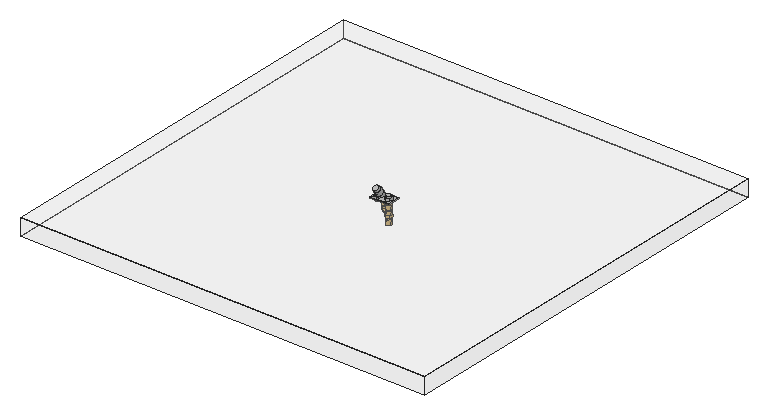
Revit family
Parameters (values of type "65CC-P1")
  Weight Lbs = 4.4
  Waste Connection = no
  Single Check Vacuum Breaker = "ASSE 1011"
  Rod Assembly D = 0' - 0 1/2"
  Rod Assembly C = 0' - 0 3/4"
  Rod Assembly B = Rod Assembly A + 0' 0 1/2"  # 0' - 1 1/2"
  Rod Assembly A = Wall Thickness  # 0' - 1"
  Wall Thickness = 0' - 1"
  WFU = 0
  Vent Connection = no
  URL = "http://www.woodfordmfg.com/woodford/Wall_Hydrant_Pages/model-65.html"
  Symbol Length = 0' - 9"
  Polished Brass (PB) Optional = ""
  Plate Width = 0' - 3"
  Plate Length = 0' - 4 3/8"
  Pipe Connection Radius = 0' - 0 3/8"
  Pipe Connection Diameter = Pipe Connection Radius * 2  # 0' - 0 3/4"
  Overall Hydrant Length = Wall Thickness + 0' 4"  # 0' - 5"
  Outlet = "3/4\" Male Hose Thread"
  No Lead Solder = ""
  Model = "65CC-P1"
  Max Temperature = "120º -F"
  Max Pressure = 125.00 psi
  Inlet Option = "P1 - 1\" Male Pipe Thread"
  Hydrant Specification = "Meets Gov. Spec. WW-P-541b"
  Hydrant & Vacuum Breaker = "Listed by IAPMO"
  Hydrant = "ASSE-1019-B"
  Manufacturer = "Woodford Manufacturing Company"
  Installation Instructions = "http://www.woodfordmfg.com/woodford/Installation/65-67%20Installation%20Instructions-2.pdf"
  HWFU = 0
  HW Connection = no
  GPM = "16 @ 100psi"
  Default Elevation = 4' - 0"
  Chrome Standard = ""
  Catalog Sheet = "http://www.woodfordmfg.com/woodford/Wall_Hyd_PDF/65CATALOG.pdf"
  CWFU = 2.5
  CW Connection = yes
  Brass Head & Inlet Castings = ""
  Brass (BR) Optional = ""
  Automatic Draining = ""
  All Brass Castings = ""
Types (13): name | Weight Lbs | Rod Assembly D | Rod Assembly C | Rod Assembly B | Rod Assembly A | Wall Thickness | Overall Hydrant Length | Model
  (no name) | 4.4 | 0' - 0 1/2" | 0' - 0 3/4" | 0' - 1 1/2" | 0' - 1" | 0' - 1" | 0' - 5" | "65CC-P1"
  65P1-8 | 5.2 | 0' - 1 1/2" | 0' - 2" | 0' - 8 1/2" | 0' - 8" | 0' - 8" | 1' - 0" | "65P1-8"
  65P1-6 | 4.8 | 0' - 1 1/2" | 0' - 2" | 0' - 6 1/2" | 0' - 6" | 0' - 6" | 0' - 10" | "65P1-6"
  65P1-4 | 4.4 | 0' - 1 1/2" | 0' - 2" | 0' - 4 1/2" | 0' - 4" | 0' - 4" | 0' - 8" | "65P1-4"
  65P1-10 | 5.6 | 0' - 1 1/2" | 0' - 2" | 0' - 10 1/2" | 0' - 10" | 0' - 10" | 1' - 2" | "65P1-10"
  65P1-12 | 6 | 0' - 1 1/2" | 0' - 2" | 1' - 0 1/2" | 1' - 0" | 1' - 0" | 1' - 4" | "65P1-12"
  65P1-14 | 6.4 | 0' - 1 1/2" | 0' - 2" | 1' - 2 1/2" | 1' - 2" | 1' - 2" | 1' - 6" | "65P1-14"
  65P1-16 | 6.8 | 0' - 1 1/2" | 0' - 2" | 1' - 4 1/2" | 1' - 4" | 1' - 4" | 1' - 8" | "65P1-16"
  65P1-18 | 7.2 | 0' - 1 1/2" | 0' - 2" | 1' - 6 1/2" | 1' - 6" | 1' - 6" | 1' - 10" | "65P1-18"
  65P1-20 | 7.6 | 0' - 1 1/2" | 0' - 2" | 1' - 8 1/2" | 1' - 8" | 1' - 8" | 2' - 0" | "65P1-20"
  65P1-22 | 8 | 0' - 1 1/2" | 0' - 2" | 1' - 10 1/2" | 1' - 10" | 1' - 10" | 2' - 2" | "65P1-22"
  65P1-24 | 8.4 | 0' - 1 1/2" | 0' - 2" | 2' - 0 1/2" | 2' - 0" | 2' - 0" | 2' - 4" | "65P1-24"
  65CC-P1 | 4.4 | 0' - 0 1/2" | 0' - 0 3/4" | 0' - 1 1/2" | 0' - 1" | 0' - 1" | 0' - 5" | "65CC-P1"
Reference planes (in)
  plane 1 "Center (Front/Back)": y = 0
  plane 2: z = 0
  plane 3 "Center (Left/Right)": x = 0
  plane 4 "Left": x = -2.1875
  plane 5 "Right": x = 2.1875
  plane 6 "Bottom": y = -1.5
  plane 7 "Top": y = 1.5
  plane 8 "Top Faceplate": z = 0.21875
  plane 9 "Right Offset": x = 1.6875
  plane 10 "Left Offset": x = -1.6875
  plane 11 "Top Nut": z = 0.71875
  plane 12 "Operating Rod Depth A": z = -1
  plane 13 "Out Right": z = -0.75
  plane 14 "Out Left": z = -0.5
  plane 15: z = -0.325
  plane 16 "Operating Rod Depth B": z = -1.5
  plane 17 "Inlet bottom nut": z = -1.75
  plane 18 "Inlet Assembly": z = -2.25
  plane 19 "Inlet Assembly Nut": z = -3
  plane 20 "Inlet Assembly Bottom Nut": z = -3.5
  plane 21 "Female Connection": z = -4
  plane 22: z = 9
  plane 23: z = -5
Forms (in)
  Extrusion 1, solid, material "Glass"
    sketch origin (0, 0, 0) x (1, 0, 0) y (0, 1, 0)
      loop
        line (-48, 48) -> (-48, -48) -> (48, -48) -> (48, 48) -> (-48, 48)
    from 0 to -4
  Extrusion 2, solid, material "Chrome", detail levels fine
    sketch origin (0, 0, 0) x (1, 0, 0) y (0, 1, 0)
      loop
        line (-2.1875, -1.5) -> (2.1875, -1.5) -> (2.1875, 1.5) -> (-2.1875, 1.5) -> (-2.1875, -1.5)
    from 0 to 0.21875
  Extrusion 3, solid, material "Chrome", detail levels fine
    sketch origin (-1.6875, 0, 0) x (0, 1, 0) y (0, 0, 1)
      loop
        line (-1.5, 0.21875) -> (-0.17611, 0.21875) -> (-0.17611, 0.4375) -> (-1.1597, 0.4375) -> (-1.44095, 0.71875) -> (-1.5, 0.71875) -> (-1.5, 0.21875)
    from 0 to 1
  Sweep 4, solid, material "Chrome", detail levels fine
    path origin (-1.1625, 0, 0) x (0, 1, 0) y (0, 0, 1)
      loop
        arc (0.31144, 0.21875) -> (0.26076, 0.51208) -> (0.1201, 0.77444) r 0.93127
    profile origin (-1.1625, 0.26076, 0.51208) x (0, -0.945519, -0.325568) y (1, 0, 0)
      loop
        circle (0, 0) r 0.78125
  Sweep 5, solid, material "Chrome", detail levels fine
    path origin (-1.1625, 0, 0) x (0, 1, 0) y (0, 0, 1)
      loop
        line (0.1201, 0.77444) -> (-0.03172, 0.97306)
    profile origin (-1.1625, 0.04419, 0.87375) x (0, -0.794484, -0.607286) y (1, 0, 0)
      loop
        circle (0, 0) r 0.5
  Sweep 6, solid, material "Chrome", detail levels fine
    path origin (-1.1625, 0, 0) x (0, 1, 0) y (0, 0, 1)
      loop
        line (-0.03172, 0.97306) -> (-0.639, 1.76754)
    profile origin (-1.1625, -0.33536, 1.3703) x (0, -0.794484, -0.607286) y (1, 0, 0)
      loop
        circle (0, 0) r 0.75
  Sweep 7, solid, material "Chrome", detail levels fine
    path origin (-1.1625, 0, 0) x (0, 1, 0) y (0, 0, 1)
      loop
        line (-0.639, 1.76754) -> (-0.75357, 1.91743)
    profile origin (-1.1625, -0.69629, 1.84249) x (0, -0.794484, -0.607286) y (1, 0, 0)
      loop
        circle (0, 0) r 0.5
  Sweep 8, solid, material "Chrome", detail levels fine
    path origin (-1.1625, 0, 0) x (0, 1, 0) y (0, 0, 1)
      loop
        line (-0.75357, 1.91743) -> (-0.95094, 2.17563)
    profile origin (-1.1625, -0.85225, 2.04653) x (0, -0.794484, -0.607286) y (1, 0, 0)
      loop
        circle (0, 0) r 0.625
  Extrusion 9, solid, material "Chrome", detail levels fine
    sketch origin (0, 0, 0.21875) x (-1, 0, 0) y (0, -1, 0)
      loop
        line (-1.02436, -0.76573) -> (-0.33622, -0.38286) -> (-0.33622, 0.38286) -> (-1.02436, 0.76573) -> (-1.6875, 0.38286) -> (-1.6875, -0.38286) -> (-1.02436, -0.76573)
    from 0 to 0.5
  Extrusion 10, solid, material "Chrome", detail levels fine
    sketch origin (0, 0, 0.71875) x (-1, 0, 0) y (0, -1, 0)
      loop
        circle (-1.02436, 0) r 0.54614
    from 0 to 0.25
  Extrusion 11, solid, material "Brass", detail levels fine
    sketch origin (0, 0, 0) x (1, 0, 0) y (0, 1, 0)
      loop
        circle (1.02436, 0) r 0.625
    from 0 to -0.75
  Extrusion 12, solid, material "Brass", detail levels fine
    sketch origin (0, 0, 0) x (1, 0, 0) y (0, 1, 0)
      loop
        circle (-0.08686, 0) r 0.4375
    from 0 to -0.5
  Extrusion 13, solid, material "Brass", detail levels fine
    sketch origin (0, 0, 0) x (1, 0, 0) y (0, 1, 0)
      loop
        arc (1.02395, -0.71363) -> (1.60463, -0.04499) -> (1.09565, 0.67972) r 0.71878
        line (1.09565, 0.67972) -> (-0.88414, 1.19681) -> (-1.9375, 1.19681) -> (-1.9375, -1.12767) -> (-1.15613, -1.12767) -> (1.02395, -0.71363)
    from 0 to -0.325
  Extrusion 14, solid, material "Brass", detail levels fine
    sketch origin (0, 0, -0.5) x (-1, 0, 0) y (0, -1, 0)
      loop
        circle (0.08686, 0) r 0.3125
    from 0 to -1
  Extrusion 15, solid, material "Brass", detail levels fine
    sketch origin (0, 0, -0.75) x (-1, 0, 0) y (0, -1, 0)
      loop
        circle (-1.02436, 0) r 0.375
    from 0 to -0.25
  Extrusion 16, solid, material "Brass", detail levels fine
    sketch origin (0, 0, -1) x (-1, 0, 0) y (0, -1, 0)
      loop
        circle (-1.02436, 0) r 0.5
    from 0 to -0.75
  Extrusion 17, solid, material "Brass", detail levels fine
    sketch origin (0, 0, -1.75) x (-1, 0, 0) y (0, -1, 0)
      loop
        circle (-1.02436, 0) r 0.375
    from 0 to -0.5
  Extrusion 18, solid, material "Brass", detail levels fine
    sketch origin (0, 0, -2.25) x (-1, 0, 0) y (0, -1, 0)
      loop
        circle (-1.02436, 0) r 0.54614
    from 0 to -0.75
  Extrusion 19, solid, material "Brass", detail levels fine
    sketch origin (0, 0, -3) x (-1, 0, 0) y (0, -1, 0)
      loop
        line (-1.02436, -0.76573) -> (-0.33622, -0.38286) -> (-0.33622, 0.38286) -> (-1.02436, 0.76573) -> (-1.6875, 0.38286) -> (-1.6875, -0.38286) -> (-1.02436, -0.76573)
    from 0 to -0.5
  Extrusion 20, solid, material "Brass", detail levels fine
    sketch origin (0, 0, -3.5) x (-1, 0, 0) y (0, -1, 0)
      loop
        circle (-1.02436, 0) r 0.375
    from 0 to -0.5
  Extrusion 21, solid, material "Brass", detail levels fine
    sketch origin (0, 0, -4) x (-1, 0, 0) y (0, -1, 0)
      loop
        circle (-1.02436, 0) r 0.60231
    from 0 to -1
  Sweep 22, solid, material "Brass", detail levels fine
    path origin (0, 0, 0) x (1, 0, 0) y (0, 0, 1)
      loop
        line (-0.094, -1.5) -> (-0.094, -1.87829)
        arc (-0.094, -1.87829) -> (0.12185, -2.39942) -> (0.64298, -2.61528) r 0.73699
    profile origin (-0.094, 0, -1.68914) x (0, -1, 0) y (1, 0, 0)
      loop
        circle (0, 0) r 0.375
Lines and regions (in)
  model lines, style "Hydrant Symbol", detail levels coarse+medium
    curve 1: line (0, 0, 0) -> (0, 0, 9)
    curve 2: line (2.1875, 0, 6.25) -> (-2.1875, 0, 6.25)
Dimensions and locks (in)
  equal spacing: plane 7 "Top", plane 1 "Center (Front/Back)", plane 6 "Bottom"
  "Plate Width": plane 7 "Top" to plane 6 "Bottom"
  equal spacing: plane 4 "Left", plane 3 "Center (Left/Right)", plane 5 "Right"
  "Plate Length": plane 4 "Left" to plane 5 "Right"
  locked: plane 8 "Top Faceplate" to level at 0.21875
  locked: plane 4 "Left" to plane 10 "Left Offset" at 0.5
  locked: plane 9 "Right Offset" to plane 5 "Right" at 0.5
  "Rod Assembly C": level to plane 13 "Out Right"
  "Rod Assembly D": Extrusion 1 to plane 14 "Out Left"
  level to plane 15 = 0' - 0.325"
  "Rod Assembly B": level to plane 16 "Operating Rod Depth B"
  "Rod Assembly A": level to plane 12 "Operating Rod Depth A"
  locked: plane 12 "Operating Rod Depth A" to plane 17 "Inlet bottom nut" at 0.75
  plane 18 "Inlet Assembly" to plane 19 "Inlet Assembly Nut" = 0' - 0 3/4"
  plane 17 "Inlet bottom nut" to plane 18 "Inlet Assembly" = 0' - 0 1/2"
  plane 19 "Inlet Assembly Nut" to plane 20 "Inlet Assembly Bottom Nut" = 0' - 0 1/2"
  plane 20 "Inlet Assembly Bottom Nut" to plane 21 "Female Connection" = 0' - 0 1/2"
  "Symbol Length": Extrusion 1 to plane 22
  locked: curve 2 to plane 22 at 2.75
  plane 21 "Female Connection" to plane 23 = 0' - 1"
  level to plane 23 = 0' - 5"
  "Pipe Connection Radius": radius of Extrusion 20 sketch curve
  "Pipe Connection Radius": radius of Extrusion 17 sketch curve
  "Pipe Connection Radius": radius of Extrusion 15 sketch curve
  aligned and locked: plane 2 to Extrusion 1
  aligned and locked: level to Extrusion 1
  aligned and locked: plane 7 "Top" to Extrusion 2
  aligned and locked: plane 6 "Bottom" to Extrusion 2
  aligned and locked: plane 5 "Right" to Extrusion 2
  aligned and locked: plane 4 "Left" to Extrusion 2
  aligned and locked: plane 8 "Top Faceplate" to Extrusion 2
  aligned and locked: plane 9 "Right Offset" to Extrusion 9 sketch curve
  aligned and locked: plane 11 "Top Nut" to Extrusion 9
  aligned and locked: plane 13 "Out Right" to Extrusion 11
  aligned and locked: plane 14 "Out Left" to Extrusion 12
  aligned and locked: Extrusion 13 to plane 15
  aligned and locked: Extrusion 15 to plane 12 "Operating Rod Depth A"
  aligned and locked: Extrusion 14 to plane 16 "Operating Rod Depth B"
  aligned and locked: plane 17 "Inlet bottom nut" to Extrusion 16
  aligned and locked: plane 18 "Inlet Assembly" to Extrusion 17
  aligned and locked: plane 20 "Inlet Assembly Bottom Nut" to Extrusion 19
  aligned and locked: plane 21 "Female Connection" to Extrusion 20
  aligned and locked: Extrusion 18 to plane 19 "Inlet Assembly Nut"
  aligned and locked: Sweep 22 to plane 16 "Operating Rod Depth B"
  aligned and locked: plane 16 "Operating Rod Depth B" to Sweep 22
  aligned and locked: plane 22 to curve 1
  aligned and locked: plane 23 to Extrusion 21  (x2)
  aligned and locked: plane 20 "Inlet Assembly Bottom Nut" to Extrusion 20
  aligned and locked: plane 21 "Female Connection" to Extrusion 21
Automatic sketch dimensions
  Extrusion 1 sketch curve to Extrusion 1 sketch curve = 8' - 0"  (x2)
  Extrusion 2 sketch curve to plane 4 "Left" = 0' - 0"
  Extrusion 2 sketch curve to plane 5 "Right" = 0' - 0"
  Extrusion 2 sketch curve to plane 6 "Bottom" = 0' - 0"
  Extrusion 2 sketch curve to plane 7 "Top" = 0' - 0"
  Extrusion 3 sketch curve to plane 6 "Bottom" = 0' - 0"
  Extrusion 3 sketch curve to plane 11 "Top Nut" = 0' - 0"
  Extrusion 3 sketch curve to plane 8 "Top Faceplate" = 0' - 0"
  Extrusion 3 sketch curve to Extrusion 3 sketch curve = 0' - 0.05905"
  plane 6 "Bottom" to Extrusion 3 sketch curve = 0' - 0.3403"
  plane 1 "Center (Front/Back)" to Extrusion 3 sketch curve = 0' - 0.17611"
  plane 8 "Top Faceplate" to Extrusion 3 sketch curve = 0' - 0 7/32"
  Sweep 4 sketch curve to plane 8 "Top Faceplate" = 0' - 0"
  Sweep 4 sketch curve to plane 8 "Top Faceplate" = 0' - 0.00986"
  plane 1 "Center (Front/Back)" to Sweep 4 sketch curve = 0' - 0.61977"
  plane 11 "Top Nut" to Sweep 4 sketch curve = 0' - 0.05569"
  Sweep 4 sketch curve to plane 1 "Center (Front/Back)" = 0' - 0.1201"
  Sweep 4 sketch curve to profile plane = 0' - 0"  (x2)
  plane 1 "Center (Front/Back)" to Sweep 5 sketch curve = 0' - 0.03172"
  plane 11 "Top Nut" to Sweep 5 sketch curve = 0' - 0.05569"
  Sweep 5 sketch curve to plane 1 "Center (Front/Back)" = 0' - 0.1201"
  Sweep 5 sketch curve to Sweep 5 sketch curve = 0' - 0.19862"
  Sweep 5 sketch curve to profile plane = 0' - 0"  (x2)
  plane 1 "Center (Front/Back)" to Sweep 6 sketch curve = 0' - 0.639"
  plane 1 "Center (Front/Back)" to Sweep 6 sketch curve = 0' - 0.03172"
  plane 11 "Top Nut" to Sweep 6 sketch curve = 0' - 0.25431"
  Sweep 6 sketch curve to Sweep 6 sketch curve = 0' - 0.79448"
  Sweep 6 sketch curve to profile plane = 0' - 0"  (x2)
  plane 6 "Bottom" to Sweep 7 sketch curve = 0' - 0.74643"
  Sweep 7 sketch curve to Sweep 7 sketch curve = 0' - 0.11457"
  plane 11 "Top Nut" to Sweep 7 sketch curve = 0' - 1.04879"
  Sweep 7 sketch curve to Sweep 7 sketch curve = 0' - 0.14988"
  Sweep 7 sketch curve to profile plane = 0' - 0"  (x2)
  plane 6 "Bottom" to Sweep 8 sketch curve = 0' - 0.54906"
  Sweep 8 sketch curve to Sweep 8 sketch curve = 0' - 0.19737"
  plane 11 "Top Nut" to Sweep 8 sketch curve = 0' - 1.19868"
  Sweep 8 sketch curve to Sweep 8 sketch curve = 0' - 0.25821"
  Sweep 8 sketch curve to profile plane = 0' - 0"  (x2)
  Extrusion 9 sketch curve to plane 9 "Right Offset" = 0' - 0.66314"  (x2)
  plane 3 "Center (Left/Right)" to Extrusion 9 sketch curve = 0' - 0.33622"
  Extrusion 9 sketch curve to plane 7 "Top" = 0' - 0.73427"
  Extrusion 9 sketch curve to plane 1 "Center (Front/Back)" = 0' - 0.38286"  (x2)
  plane 1 "Center (Front/Back)" to Extrusion 9 sketch curve = 0' - 0.38286"  (x2)
  plane 6 "Bottom" to Extrusion 9 sketch curve = 0' - 0.73427"
  plane 1 "Center (Front/Back)" to Extrusion 10 sketch curve = 0' - 0"
  Extrusion 10 sketch curve to plane 9 "Right Offset" = 0' - 0.66314"
  plane 1 "Center (Front/Back)" to Extrusion 11 sketch curve = 0' - 0"
  Extrusion 11 sketch curve to plane 9 "Right Offset" = 0' - 0.66314"
  plane 1 "Center (Front/Back)" to Extrusion 12 sketch curve = 0' - 0"
  Extrusion 12 sketch curve to plane 3 "Center (Left/Right)" = 0' - 0.08686"
  plane 4 "Left" to Extrusion 13 sketch curve = 0' - 0 1/4"
  plane 10 "Left Offset" to Extrusion 13 sketch curve = 0' - 0.53137"
  Extrusion 13 sketch curve to plane 7 "Top" = 0' - 0.30319"
  plane 10 "Left Offset" to Extrusion 13 sketch curve = 0' - 0.80336"
  plane 1 "Center (Front/Back)" to Extrusion 13 sketch curve = 0' - 0.00805"
  Extrusion 13 sketch curve to plane 9 "Right Offset" = 0' - 0.8007"
  Extrusion 13 sketch curve to plane 9 "Right Offset" = 0' - 0.66355"
  Extrusion 13 sketch curve to plane 9 "Right Offset" = 0' - 0.59185"
  plane 1 "Center (Front/Back)" to Extrusion 13 sketch curve = 0' - 0.71363"
  plane 6 "Bottom" to Extrusion 13 sketch curve = 0' - 0.37233"
  Extrusion 14 sketch curve to plane 3 "Center (Left/Right)" = 0' - 0.08686"
  plane 1 "Center (Front/Back)" to Extrusion 15 sketch curve = 0' - 0"
  Extrusion 15 sketch curve to plane 9 "Right Offset" = 0' - 0.66314"
  plane 1 "Center (Front/Back)" to Extrusion 16 sketch curve = 0' - 0"
  Extrusion 16 sketch curve to plane 9 "Right Offset" = 0' - 0.66314"
  plane 1 "Center (Front/Back)" to Extrusion 17 sketch curve = 0' - 0"
  Extrusion 17 sketch curve to plane 9 "Right Offset" = 0' - 0.66314"
  plane 1 "Center (Front/Back)" to Extrusion 18 sketch curve = 0' - 0"
  Extrusion 18 sketch curve to plane 9 "Right Offset" = 0' - 0.66314"
  Extrusion 19 sketch curve to plane 9 "Right Offset" = 0' - 0"
  Extrusion 19 sketch curve to plane 9 "Right Offset" = 0' - 0.66314"  (x2)
  plane 3 "Center (Left/Right)" to Extrusion 19 sketch curve = 0' - 0.33622"
  Extrusion 19 sketch curve to plane 7 "Top" = 0' - 0.73427"
  Extrusion 19 sketch curve to plane 1 "Center (Front/Back)" = 0' - 0.38286"  (x2)
  plane 1 "Center (Front/Back)" to Extrusion 19 sketch curve = 0' - 0.38286"  (x2)
  plane 6 "Bottom" to Extrusion 19 sketch curve = 0' - 0.73427"
  plane 1 "Center (Front/Back)" to Extrusion 20 sketch curve = 0' - 0"
  Extrusion 20 sketch curve to plane 9 "Right Offset" = 0' - 0.66314"
  plane 1 "Center (Front/Back)" to Extrusion 21 sketch curve = 0' - 0"
  Extrusion 21 sketch curve to plane 9 "Right Offset" = 0' - 0.66314"
  plane 1 "Center (Front/Back)" to Extrusion 14 sketch curve = 0' - 0"
  plane 1 "Center (Front/Back)" to Sweep 22 sketch curve = 0' - 0"
  Sweep 22 sketch curve to profile plane = 0' - 0"
  Sweep 22 sketch curve to plane 16 "Operating Rod Depth B" = 0' - 0"
  Sweep 22 sketch curve to plane 3 "Center (Left/Right)" = 0' - 0.094"
  Sweep 22 sketch curve to plane 18 "Inlet Assembly" = 0' - 0.36528"
  plane 3 "Center (Left/Right)" to Sweep 22 sketch curve = 0' - 0.64298"
  curve 2 to plane 4 "Left" = 0' - 0"
  curve 1 to plane 3 "Center (Left/Right)" = 0' - 0"
  curve 2 to plane 5 "Right" = 0' - 0"
  curve 1 to level = 0' - 0"
  radius of Sweep 4 sketch curve = 0' - 0 25/32"
  radius of Sweep 5 sketch curve = 0' - 0 1/2"
  radius of Sweep 6 sketch curve = 0' - 0 3/4"
  radius of Sweep 7 sketch curve = 0' - 0 1/2"
  radius of Sweep 8 sketch curve = 0' - 0 5/8"
  radius of Extrusion 10 sketch curve = 0' - 0.54614"
  radius of Extrusion 11 sketch curve = 0' - 0 5/8"
  radius of Extrusion 12 sketch curve = 0' - 0 7/16"
  radius of Extrusion 14 sketch curve = 0' - 0 5/16"
  radius of Extrusion 16 sketch curve = 0' - 0 1/2"
  radius of Extrusion 18 sketch curve = 0' - 0.54614"
  radius of Extrusion 21 sketch curve = 0' - 0.60231"
  radius of Sweep 22 sketch curve = 0' - 0 3/8"
Nested families (in)
  nested 1: "Hydrant Annotation" at (0, 0, 0), type "Hydrant Annotation", detail levels coarse+medium
Connectors (in)
  piping at (1.02436, 0, -5), driven by "Pipe Connection Radius"
    settings: on Extrusion 21, index 1, connector radius 3/8", flow factor 0, pipe flow 13 GPM, pressure drop 100.00 psi, fitting loss kfactor 0, connector angle 0.00°, fixture units 0, flow configuration 1, flow direction 1, fitting loss method 4, system type 20, connector reference index -1, connector utility 0, adjustable connector no, is connector primary yes, fitting loss table "", connector description ""
Definition of nested family "Hydrant Annotation"
  Reference planes (in)
    plane 1: y = 0
    plane 2: x = 0
  Lines and regions (in)
    detail lines, style "Hydrant Symbol"
      curve 1: line (0, 0, 0) -> (0, 0.325, 0)
      curve 2: line (-0.11215, 0.22111, 0) -> (0.11215, 0.22111, 0)
      curve 3: line (-0.0625, 0, 0) -> (0.0625, 0, 0)
  Dimensions and locks (in)
    equal spacing: curve 2, plane 2, curve 2
    curve 3 to curve 3 = 0' - 0 1/8"
